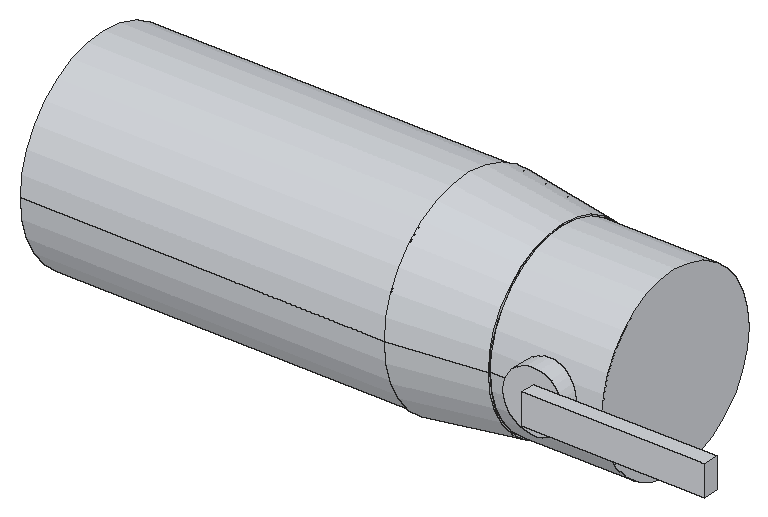
Revit family "M_Round Takeoff with Damper - Conical", category Duct Fittings, Revit 2014
Parameters (values of type "Standard")
  Height 1 [instance] = Duct Radius 2 + Length 1  # 87.5 mm
  built-in parameter 1114214 [instance] = 300 mm
  built-in parameter 1114213 [instance] = 220 mm
  built-in parameter 1114215 [instance] = if(Duct Diameter 2 > 875 mm, Duct Diameter 2 * 0.25, 220 mm)  # 0.72178 (stored number, unit not read)
  Radius 1 [instance] = Handle Width * 2  # 25 mm
  Length 1 [instance] = 12.5 mm
  Handle Width [instance] = 12.5 mm
  Handle Length [instance] = 150 mm
  Handle Height [instance] = 25 mm
  Half Width [instance] = Duct Radius 1 / 2  # 42.712 mm
  Duct Diameter 2 [instance] = Duct Radius 2 * 2  # 150 mm
  Duct Radius 1 [instance] = 1.139 * Duct Radius 2  # 85.425 mm
  Length 2 [instance] = [built-in parameter 1114213] * 0.35  # 77 mm
  Duct Radius 2 [instance] = 75 mm
  Duct Diameter 1 [instance] = Duct Radius 1 * 2  # 170.85 mm
  Assembly Code = ""
Reference planes
  plane 1 "Center (Front/Back)": y = 0
  plane 2: z = 0
  plane 3 "Center (Left/Right)": x = 0
  plane 4: x = -300
  plane 5: x = 220
  plane 6: x = 77
  plane 7: x = 123.1
  plane 8: x = 169.2
  plane 9: y = -87.5
  plane 10: y = 75
Forms (mm)
  Extrusion 1, solid, detail levels medium+fine
    sketch origin (0, 0, 0) x (0, 1, 0) y (0, 0, 1)
      loop
        circle (0, 0) r 75
    from 77 to 169.2
  Blend 2, solid, detail levels medium+fine
    base sketch origin (0, 0, 0) x (0, 1, 0) y (0, 0, 1)
      loop
        circle (0, 0) r 85.425
    top sketch origin (0, 0, 0) x (0, 1, 0) y (0, 0, 1)
      loop
        circle (0, 0) r 75
    from 0 to 77
  Blend 3, solid, detail levels medium+fine
    base sketch origin (0, 0, 0) x (0, 1, 0) y (0, 0, 1)
      loop
        circle (0, 0) r 86.792
    top sketch origin (0, 0, 0) x (0, 1, 0) y (0, 0, 1)
      loop
        circle (0, 0) r 76.2
    from 0 to 77
  Extrusion 4, solid, detail levels medium+fine
    sketch origin (0, 0, 0) x (0, 1, 0) y (0, 0, 1)
      loop
        circle (0, 0) r 85.425
    from -300 to 0
  Extrusion 5, solid, detail levels medium+fine
    sketch origin (0, 0, 0) x (1, 0, 0) y (0, 0, 1)
      loop
        circle (123.1, 0) r 25
    from 0 to 87.5
  Extrusion 6, solid, detail levels medium+fine
    sketch origin (0, 0, 0) x (1, 0, 0) y (0, 0, 1)
      loop
        line (123.1, 12.5) -> (123.1, -12.5) -> (273.1, -12.5) -> (273.1, 12.5) -> (123.1, 12.5)
    from 87.5 to 100
Cuts and joins
  joined: Extrusion 1, Extrusion 5
Lines and regions (mm)
  model lines, not visible, detail levels medium+fine
    curve 1: line (0, 0, 0) -> (220, 0, 0)
  model lines, detail levels coarse
    curve 2: line (123.1, 75, 0) -> (123.1, -100, 0)
    curve 3: line (123.1, -100, 0) -> (273.1, -100, 0)
Dimensions and locks
  "built-in parameter 1114214": plane 4 to plane 3 "Center (Left/Right)"
  "built-in parameter 1114213": plane 3 "Center (Left/Right)" to plane 5
  "Length 2": plane 3 "Center (Left/Right)" to plane 6
  locked: plane 8 to plane 5 at 50.8
  equal spacing: plane 6, plane 7, plane 8
  "Height 1": plane 1 "Center (Front/Back)" to plane 9
  equal spacing: Extrusion 6 sketch curve, plane 2, Extrusion 6 sketch curve
  "Handle Height": Extrusion 6 sketch curve to Extrusion 6 sketch curve
  "Handle Length": plane 7 to Extrusion 6 sketch curve
  "Handle Width": Extrusion 6 to Extrusion 6
  "Duct Radius 2": plane 10 to plane 1 "Center (Front/Back)"
  "Duct Radius 2": radius of Extrusion 1 sketch curve
  "Duct Radius 2": radius of Blend 2 sketch curve
  "Duct Radius 1": radius of Blend 2 sketch curve
  "Duct Radius 1": radius of Extrusion 4 sketch curve
  "Radius 1": radius of Extrusion 5 sketch curve
  aligned and locked: plane 3 "Center (Left/Right)" to curve 1
  aligned and locked: plane 1 "Center (Front/Back)" to curve 1
  aligned and locked: plane 5 to curve 1
  aligned and locked: plane 2 to Extrusion 1 sketch curve
  aligned and locked: plane 1 "Center (Front/Back)" to Extrusion 1 sketch curve
  aligned and locked: Extrusion 1 to plane 6
  aligned and locked: plane 2 to Blend 2 sketch curve
  aligned and locked: plane 1 "Center (Front/Back)" to Blend 2 sketch curve  (x2)
  aligned and locked: Blend 2 to plane 3 "Center (Left/Right)"
  aligned and locked: plane 6 to Blend 2
  aligned and locked: level to Blend 2 sketch curve
  aligned and locked: plane 2 to Blend 3 sketch curve  (x2)
  aligned and locked: plane 1 "Center (Front/Back)" to Blend 3 sketch curve  (x2)
  aligned and locked: Blend 3 to plane 3 "Center (Left/Right)"
  aligned and locked: plane 6 to Blend 3
  aligned and locked: plane 2 to Extrusion 4 sketch curve
  aligned and locked: plane 1 "Center (Front/Back)" to Extrusion 4 sketch curve
  aligned and locked: Extrusion 4 to plane 4
  aligned and locked: plane 3 "Center (Left/Right)" to Extrusion 4
  aligned and locked: plane 2 to Extrusion 5 sketch curve
  aligned and locked: plane 7 to Extrusion 5 sketch curve
  aligned and locked: plane 7 to Extrusion 6 sketch curve
  aligned and locked: Extrusion 5 to plane 1 "Center (Front/Back)"
  aligned and locked: Extrusion 5 to plane 9
  aligned and locked: Extrusion 6 to Extrusion 5
  aligned and locked: plane 10 to curve 2
  aligned and locked: curve 2 to plane 7
  aligned and locked: plane 8 to cut or joined group of Extrusion 1, Extrusion 5
  aligned and locked: curve 3 to Extrusion 6  (x2)
Automatic sketch dimensions
  radius of Blend 3 sketch curve = 86.792 mm
  radius of Blend 3 sketch curve = 76.2 mm
Connectors
  hvac at (0, 0, 0), driven by "Duct Radius 2"
    settings: on Blend 2, index 1, duct flow 0.0 L/s, flow factor 0, pres drop 0.0 Pa, loss coef 0, conn angle 0.00°, conn width 304.8 mm, conn height 304.8 mm, conn diameter 150 mm, duct sys type 28, conn prof type 0, flow config 0, flow direction 0, loss method 0, conn ref index 2, conn util no, is conn primary yes, conn desc ""
  hvac at (169.2, 0, 0), driven by "Duct Radius 2"
    settings: on cut or joined group of Extrusion 1, Extrusion 5, index 2, duct flow 0.0 L/s, flow factor 0, pres drop 0.0 Pa, loss coef 0, conn angle 0.00°, conn width 304.8 mm, conn height 304.8 mm, conn diameter 150 mm, duct sys type 28, conn prof type 0, flow config 0, flow direction 0, loss method 0, conn ref index 1, conn util no, is conn primary no, conn desc ""
